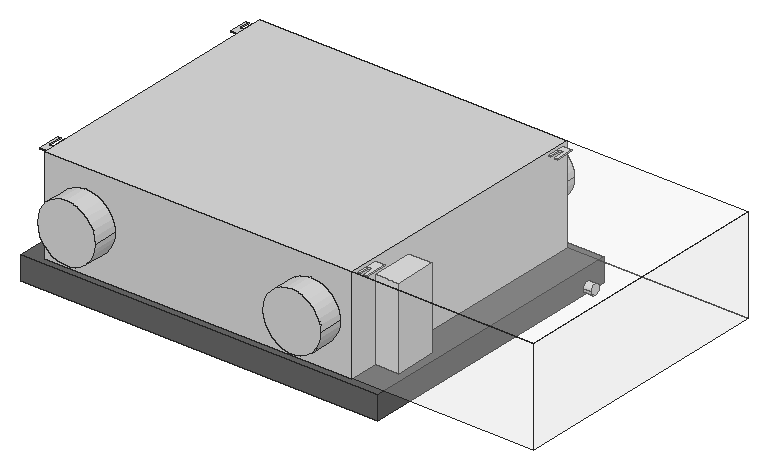
Revit family "lgh-n50_100rhw_rhp_60Hz", category 機械設備, Revit 2019
Family settings
  丸型コネクタ寸法 = 直径を使用
  パーツ タイプ = 標準
  OmniClass 番号 = 23.75.10.34.21
  OmniClass タイトル = Heat Exchangers for Ventilation Air
  作業面ベース = いいえ
  常に垂直 = はい
  ロード時にボイドで切り取り = いいえ
  共有 = いいえ
  部屋計算ポイント = はい
Parameters (values of type "LGH-N50RHP")
  騒音レベル(dB(A)) = 34
  風量 = MAX風量  # 500.0 m³/h
  面風速 = 4.42 m/s
  電源種別 [instance] = "一般"
  電圧 = 100 V
  電動機出力 = 0 W
  集中コントローラ = ""
  運転質量 = 0.00 kg
  連動 [instance] = ""
  質量 = if(製品質量 > 運転質量, 製品質量, 運転質量) * 1.2  # 50.40 kg
  負荷分類 = 3_ファン類
  説明 = "業務用ロスナイ 耐湿形"
  設計風量 = 0.0 m³/h
  設置方法 = "天井吊(隠ぺい)形"
  記号 [instance] = ""
  製造元 = "三菱電機株式会社"
  製品質量 = 42.00 kg
  製品出荷対象 = "国内"
  製品リリース年月 = "2013/7/1"
  製品グループ = ""
  系統 [instance] = ""
  符号 = "HEU"
  積算_科目 = "1 空気調和設備"
  積算_拾い区分 [instance] = ""
  相 = 1
  盤記号 [instance] = ""
  発停方法 [instance] = "別売スイッチ"
  特殊仕様 [instance] = ""
  点検口高さ = -317 mm
  点検口離隔 = 150 mm
  点検口_Width = 点検口_Depth  # 450 mm
  点検口_Depth = 450 mm
  点検口 = yes
  火災停止 [instance] = ""
  温度交換効率 = 67.00%
  消費電力_加湿器 = 0 W
  消費電力 = 281 W
  法定耐用年数 = "15"
  機外静圧_排気 = 150.0 Pa
  機外静圧 = 150.0 Pa
  極数 = 2
  材質 [instance] = ""
  本体マテリアル = ポリエステル塗装鋼板
  有効加湿量 = 3.2
  操作・制御方式 = ""
  操作・制御スイッチ = ""
  排気量 = 0.0 m³/h
  形式_加湿器 = ""
  形式 = "天井埋込ダクト形"
  幹線記号 [instance] = ""
  対象室 [instance] = ""
  実風量 = 0.0 m³/h
  始動方式 [instance] = "直入"
  天吊金具_径 = 6.5 mm
  天吊金具_幅 = 30 mm
  外気量 = 設計風量  # 0.0 m³/h
  呼称 = "全熱交換ユニット"
  周波数 = 60 Hz
  天吊金具ピッチ2 = 790 mm
  天吊金具ピッチ1 = 1048 mm
  天吊金具_高さ = 7 mm
  参照している仕様書等のバージョン = ""
  初期抵抗 = 0.0 Pa
  分類コード = "50054502100010"
  分類グループ = ""
  価格 = 656000
  企業コード = "108420"
  付属品_フィルター_還気 = ""
  付属品_フィルター = ""
  付属品 [instance] = ""
  仕様書バージョン = "Version1.0"
  モデル = "LGH-N50RHP"
  メンテナンススペース = yes
  ドレン管径 = 32 mm
  ドレン管_D = 71 mm
  ドレン管_H = 374 mm
  ドレン管_Depth = 28 mm
  ドレン皿材質 = ABS樹脂
  ドレン皿_Height = 77 mm
  コメント [instance] = ""
  Keynote = ""
  エンタルピ交換効率_暖房 = 0.00%
  エンタルピ交換効率_冷房 = 0.00%
  Assembly Code = ""
  Width = 1016 mm
  Version = ""
  Uniclass2015Version = "Systems v1.9"
  Uniclass2015Title = "Thermal wheels"
  Uniclass2015Code = "Pr_60_60_36_88"
  URL = "https://www.mitsubishielectric.co.jp/ldg/wink/ssl/displayProduct.do?pid=212042"
  SpecificationReference = ""
  SpecificationDescription = ""
  SAサイズ_W = 0 mm
  SAサイズ_D = 192 mm
  Revision = ""
  RAサイズ_W = 0 mm
  RAサイズ_D = 192 mm
  ProductInformation = ""
  OmniClassCode = "23-27 23 19 11"
  OAサイズ_W = 0 mm
  OAサイズ_D = 192 mm
  ドレン皿_Width = 1183 mm
  ドレン皿_Depth = 934 mm
  MIN風量 = 260.0 m³/h
  MIN静圧 = 40.0 Pa
  MAX風量 = 500.0 m³/h
  MAX静圧 = 150.0 Pa
  IfcTypeProduct = ""
  IfcProduct = ""
  IfcExportType = "ROTARYWHEEL"
  IfcExportAs = "IfcAirToAirHeatRecoveryType"
  Height = 317 mm
  EAサイズ_W = 0 mm
  EAサイズ_D = 192 mm
  Duct_Pitch = 745 mm
  Duct_Height = 158.5 mm
  Duct_Depth = 79 mm
  Depth = 888 mm
  Clearance Top = 0 mm
  Clearance Right = 600 mm
  Clearance Bottom = 0 mm
  Box_Depth = 136 mm
  Box_Height = 267 mm
  Box_H = 46 mm
  Box_Width = 80 mm
  Box_D = 94 mm
  Author = "三菱電機株式会社"
Types (4, lengths in mm): name | 騒音レベル(dB(A)) | 風量 | 面風速 | 質量 | 製品質量 | 点検口高さ | 消費電力 | 機外静圧_排気 | 機外静圧 | 天吊金具ピッチ2 | 天吊金具ピッチ1 | 分類コード | 価格 | モデル | ドレン管_D | ドレン管_H | エンタルピ交換効率_暖房 | エンタルピ交換効率_冷房 | Width | URL | SAサイズ_D | RAサイズ_D | OAサイズ_D | ドレン皿_Width | ドレン皿_Depth | MIN風量 | MIN静圧 | MAX風量 | MAX静圧 | Height | EAサイズ_D | Duct_Pitch | Duct_Height | Depth | Box_H | Box_D
  LGH-N50RHP | 34 | 500.0 m³/h | 4.42 m/s | 50.40 kg | 42.00 kg | -317 | 281 W | 150.0 Pa | 150.0 Pa | 790 | 1048 | "50054502100010" | 656000 | "LGH-N50RHP" | 71 | 374 | 0.00% | 0.00% | 1016 | "https://www.mitsubishielectric.co.jp/ldg/wink/ssl/displayProduct.do?pid=212042" | 192 | 192 | 192 | 1183 | 934 | 260.0 m³/h | 40.0 Pa | 500.0 m³/h | 150.0 Pa | 317 | 192 | 745 | 158.5 | 888 | 46 | 94
  LGH-N50RHW | 34 | 500.0 m³/h | 4.42 m/s | 50.40 kg | 42.00 kg | -317 | 281 W | 150.0 Pa | 150.0 Pa | 790 | 1048 | "50052504100070" | 715000 | "LGH-N50RHW" | 71 | 374 | 53.00% | 46.00% | 1016 | "https://www.mitsubishielectric.co.jp/ldg/wink/ssl/displayProduct.do?pid=212461" | 192 | 192 | 192 | 1183 | 934 | 260.0 m³/h | 40.0 Pa | 500.0 m³/h | 150.0 Pa | 317 | 192 | 745 | 158.5 | 888 | 46 | 94
  LGH-N100RHP | 37 | 1000.0 m³/h | 5.66 m/s | 99.60 kg | 83.00 kg | -398 | 630 W | 180.0 Pa | 180.0 Pa | 1030 | 1263 | "50054502100010" | 1241000 | "LGH-N100RHP" | 90 | 455 | 0.00% | 0.00% | 1231 | "https://www.mitsubishielectric.co.jp/ldg/wink/ssl/displayProduct.do?pid=212043" | 242 | 242 | 242 | 1398 | 1210 | 680.0 m³/h | 85.0 Pa | 1000.0 m³/h | 180.0 Pa | 398 | 242 | 920 | 199 | 1164 | 127 | 129
  LGH-N100RHW | 37 | 1000.0 m³/h | 5.66 m/s | 99.60 kg | 83.00 kg | -398 | 630 W | 180.0 Pa | 180.0 Pa | 1030 | 1263 | "50052504100070" | 1323000 | "LGH-N100RHW" | 90 | 455 | 55.00% | 46.00% | 1231 | "https://www.mitsubishielectric.co.jp/ldg/wink/ssl/displayProduct.do?pid=212460" | 242 | 242 | 242 | 1398 | 1210 | 680.0 m³/h | 85.0 Pa | 1000.0 m³/h | 180.0 Pa | 398 | 242 | 920 | 199 | 1164 | 127 | 129
Reference planes
  plane 1 "中心(正面/背面)": y = 0
  plane 2: z = 0
  plane 3 "中心(左/右)": x = 0
  plane 4: x = -508
  plane 5: x = 508
  plane 6: y = 444
  plane 7: y = -444
  plane 8: z = -317
  plane 9: z = -158.5
  plane 10: y = -523
  plane 11: y = 523
  plane 12: x = -372.5
  plane 13: x = 372.5
  plane 14: y = -350
  plane 15: z = -46
  plane 16: y = -214
  plane 17: z = -313
  plane 18: x = 588
  plane 19: y = 396
  plane 20: z = -374
  plane 21: x = 640
  plane 22: z = 0
  plane 23: y = 225
  plane 24: x = -524
  plane 25: x = 524
  plane 26: y = -395
  plane 27: y = 395
  plane 28: y = 300.5
  plane 29: y = -225
  plane 30: x = -540
  plane 31: x = 540
  plane 32: y = 365
  plane 33: y = 425
  plane 34: z = -7
  plane 35: z = -10
  plane 36: y = -365
  plane 37: y = -425
  plane 38: x = 1108
  plane 39: x = 658
  plane 40: z = -394
  plane 41: x = -571
  plane 42: x = 612
  plane 43: y = 467
  plane 44: y = -467
  plane 45: z = -317
Forms (mm)
  Extrusion 1, solid, material "ポリエステル塗装鋼板" <- "本体マテリアル", detail levels fine
    sketch origin (0, 0, 0) x (1, 0, 0) y (0, 1, 0)
      loop
        line (-508, 444) -> (-508, -444) -> (508, -444) -> (508, 444) -> (-508, 444)
    from 0 to -317
  Extrusion 2, solid, material "ポリエステル塗装鋼板" <- "本体マテリアル", detail levels fine
    sketch origin (0, 0, 0) x (1, 0, 0) y (0, 0, 1)
      loop
        circle (-372.5, -158.5) r 96
    from 444 to 523
  Extrusion 3, solid, material "ポリエステル塗装鋼板" <- "本体マテリアル", detail levels fine
    sketch origin (0, 0, 0) x (1, 0, 0) y (0, 0, 1)
      loop
        circle (-372.5, -158.5) r 96
    from -523 to -444
  Extrusion 4, solid, material "ポリエステル塗装鋼板" <- "本体マテリアル", detail levels fine
    sketch origin (0, 0, 0) x (1, 0, 0) y (0, 0, 1)
      loop
        circle (372.5, -158.5) r 96
    from -523 to -444
  Extrusion 5, solid, material "ポリエステル塗装鋼板" <- "本体マテリアル", detail levels fine
    sketch origin (0, 0, 0) x (0, 1, 0) y (0, 0, 1)
      loop
        line (-350, -46) -> (-350, -313) -> (-214, -313) -> (-214, -46) -> (-350, -46)
    from 588 to 508
  Extrusion 6, solid, material "ポリエステル塗装鋼板" <- "本体マテリアル", detail levels fine
    sketch origin (0, 0, 0) x (0, 1, 0) y (0, 0, 1)
      loop
        circle (396, -374) r 16
    from 640 to 612
  Extrusion 7, solid, material "ポリエステル塗装鋼板" <- "本体マテリアル", detail levels fine
    sketch origin (0, 0, 0) x (1, 0, 0) y (0, 0, 1)
      loop
        circle (372.5, -158.5) r 96
    from 444 to 523
  Extrusion 8, solid, material "ABS樹脂" <- "ドレン皿材質"
    sketch origin (0, 0, 0) x (1, 0, 0) y (0, 1, 0)
      loop
        line (-571, 467) -> (-571, -467) -> (612, -467) -> (612, 467) -> (-571, 467)
    from -394 to -317
  Extrusion 9, solid, material "ポリエステル塗装鋼板" <- "本体マテリアル"
    sketch origin (0, 0, 0) x (1, 0, 0) y (0, 1, 0)
      loop
        line (-540, 425) -> (-540, 365) -> (-508, 365) -> (-508, 425) -> (-517.5, 425) -> (-517.5, 395)
        arc (-517.5, 395) -> (-524, 388.5) -> (-530.5, 395) r 6.5
        line (-530.5, 395) -> (-530.5, 425) -> (-540, 425)
    from -10 to -7
  Extrusion 10, solid, material "ポリエステル塗装鋼板" <- "本体マテリアル"
    sketch origin (0, -700, 0) x (1, 0, 0) y (0, 1, 0)
      loop
        line (-540, 350) -> (-540, 275) -> (-508, 275) -> (-508, 350) -> (-517.5, 350) -> (-517.5, 305)
        arc (-517.5, 305) -> (-524, 298.5) -> (-530.5, 305) r 6.5
        line (-530.5, 305) -> (-530.5, 350) -> (-540, 350)
    from -10 to -7
  Extrusion 11, solid, material "ポリエステル塗装鋼板" <- "本体マテリアル"
    sketch origin (0, -700, 0) x (-1, 0, 0) y (0, -1, 0)
      loop
        line (-508, -275) -> (-517.5, -275) -> (-517.5, -305)
        arc (-517.5, -305) -> (-524, -311.5) -> (-530.5, -305) r 6.5
        line (-530.5, -305) -> (-530.5, -275) -> (-540, -275) -> (-540, -350) -> (-508, -350) -> (-508, -275)
    from -10 to -7
  Extrusion 12, solid, material "ポリエステル塗装鋼板" <- "本体マテリアル"
    sketch origin (0, 0, 0) x (-1, 0, 0) y (0, -1, 0)
      loop
        line (-508, -365) -> (-517.5, -365) -> (-517.5, -395)
        arc (-517.5, -395) -> (-524, -401.5) -> (-530.5, -395) r 6.5
        line (-530.5, -395) -> (-530.5, -365) -> (-540, -365) -> (-540, -425) -> (-508, -425) -> (-508, -365)
    from -10 to -7
Lines and regions (mm)
  Masking region 1, detail levels coarse+medium
    outline origin (0, 0, 0) x (1, 0, 0) y (0, 1, 0)
      loop
        line (-508, 444) -> (-508, -444) -> (508, -444) -> (508, 444) -> (-508, 444)
  symbolic lines, detail levels coarse+medium
    curve 1: line (-1.977, 441.477, 0) -> (-508, 0, 0)
    curve 2: line (-508, 0, 0) -> (1.977, -441.477, 0)
    curve 3: line (1.977, -441.477, 0) -> (508, 0, 0)
    curve 4: line (508, 0, 0) -> (-1.977, 441.477, 0)
Dimensions and locks
  equal spacing: plane 4, plane 3 "中心(左/右)", plane 5
  "Width": plane 4 to plane 5
  equal spacing: plane 6, plane 1 "中心(正面/背面)", plane 7
  "Depth": plane 6 to plane 7
  "Duct_Depth": plane 7 to plane 10
  "Duct_Depth": plane 6 to plane 11
  equal spacing: plane 12, plane 3 "中心(左/右)", plane 13
  "Duct_Pitch": plane 12 to plane 13
  "Box_D": plane 14 to plane 7
  "Box_Depth": plane 16 to plane 14
  "Box_Height": plane 15 to plane 17
  "Clearance Top": level to plane 22
  equal spacing: plane 24, plane 3 "中心(左/右)", plane 25
  "天吊金具ピッチ1": plane 24 to plane 25
  equal spacing: plane 27, plane 1 "中心(正面/背面)", plane 26
  "天吊金具ピッチ2": plane 27 to plane 26
  equal spacing: plane 33, plane 27, plane 32
  "天吊金具_高さ": level to plane 34
  locked: plane 34 to plane 35 at 3
  equal spacing: plane 37, plane 26, plane 36
  "Box_Width": plane 5 to plane 18
  "Clearance Right": plane 5 to plane 38
  "点検口離隔": plane 5 to plane 39
  equal spacing: plane 23, plane 1 "中心(正面/背面)", plane 29
  "点検口_Depth": plane 23 to plane 29
  "ドレン皿_Width": plane 41 to plane 42
  equal spacing: plane 43, plane 1 "中心(正面/背面)", plane 44
  "ドレン皿_Depth": plane 43 to plane 44
  "ドレン管_H": plane 20 to level
  "ドレン管_Depth": plane 42 to plane 21
  "天吊金具_幅": plane 33 to plane 27
  "天吊金具_幅": plane 36 to plane 26
  equal spacing: plane 30, plane 24, plane 4
  equal spacing: plane 5, plane 25, plane 31
  "天吊金具_径": nested 2 to Extrusion 9 sketch curve
  "天吊金具_径": plane 24 to Extrusion 10 sketch curve
  "天吊金具_径": plane 25 to Extrusion 11 sketch curve
  "天吊金具_径": plane 25 to Extrusion 12 sketch curve
  "ドレン管_D": plane 19 to plane 43
  "Box_H": level to plane 15
  "Duct_Height": level to plane 9
  "Height": level to plane 8
  "ドレン皿_Height": plane 8 to plane 40
  locked: plane 5 to plane 42 at 104
  "Clearance Bottom": plane 8 to plane 45
  "OAサイズ_D": diameter of Extrusion 3 sketch curve
  "EAサイズ_D": diameter of Extrusion 4 sketch curve
  "ドレン管径": diameter of Extrusion 6 sketch curve
  "RAサイズ_D": diameter of Extrusion 2 sketch curve
  "SAサイズ_D": diameter of Extrusion 7 sketch curve
  "天吊金具_径": radius of Extrusion 9 sketch curve
  "天吊金具_径": radius of Extrusion 10 sketch curve
  "天吊金具_径": radius of Extrusion 11 sketch curve
  "天吊金具_径": radius of Extrusion 12 sketch curve
  aligned and locked: level to plane 2
  aligned and locked: Masking region 1 to plane 7
  aligned and locked: Masking region 1 to plane 4
  aligned and locked: plane 6 to Masking region 1
  aligned and locked: plane 5 to Masking region 1
  aligned and locked: Extrusion 1 to plane 8
  aligned and locked: plane 7 to Extrusion 2
  aligned and locked: Extrusion 4 to plane 11
  aligned and locked: Extrusion 3 to plane 11
  aligned and locked: Extrusion 3 to plane 6
  aligned and locked: Extrusion 4 to plane 6
  aligned and locked: Extrusion 5 to plane 18
  aligned and locked: Extrusion 5 to plane 17
  aligned and locked: plane 14 to Extrusion 5
  aligned and locked: Extrusion 5 to plane 16
  aligned and locked: plane 15 to Extrusion 5
  aligned and locked: Extrusion 6 to plane 21
  aligned and locked: nested 1 to plane 6
  aligned and locked: nested 1 to plane 7
  aligned and locked: plane 25 to nested 2
  aligned and locked: plane 27 to nested 2
  aligned and locked: nested 2 to plane 26
  aligned and locked: plane 24 to nested 2
  aligned and locked: nested 3 to plane 23
  aligned and locked: plane 29 to nested 3
  aligned and locked: Extrusion 2 to plane 10
  aligned and locked: Extrusion 2 to Extrusion 7
  aligned and locked: Extrusion 7 to Masking region 1
  aligned and locked: Extrusion 5 to plane 5
  aligned and locked: nested 1 to plane 38
  aligned and locked: plane 5 to nested 1
  aligned and locked: nested 3 to plane 38
  aligned and locked: nested 3 to plane 39
  aligned and locked: Extrusion 8 sketch curve to plane 43
  aligned and locked: plane 41 to Extrusion 8 sketch curve
  aligned and locked: Extrusion 8 sketch curve to plane 44
  aligned and locked: plane 42 to Extrusion 8 sketch curve
  aligned and locked: Extrusion 8 to Extrusion 1
  aligned and locked: plane 8 to Extrusion 8
  aligned and locked: Extrusion 8 to plane 40
  aligned and locked: plane 42 to Extrusion 6
  aligned and locked: plane 4 to Extrusion 9 sketch curve
  aligned and locked: Extrusion 9 sketch curve to plane 32
  aligned and locked: Extrusion 9 sketch curve to plane 30
  aligned and locked: plane 33 to Extrusion 9 sketch curve  (x2)
  aligned and locked: plane 4 to Extrusion 10 sketch curve
  aligned and locked: Extrusion 10 sketch curve to plane 37
  aligned and locked: Extrusion 10 sketch curve to plane 30
  aligned and locked: plane 14 to Extrusion 10 sketch curve  (x2)
  aligned and locked: plane 31 to Extrusion 11 sketch curve
  aligned and locked: plane 14 to Extrusion 11 sketch curve
  aligned and locked: plane 5 to Extrusion 11 sketch curve
  aligned and locked: Extrusion 11 sketch curve to plane 37  (x2)
  aligned and locked: plane 31 to Extrusion 12 sketch curve
  aligned and locked: plane 33 to Extrusion 12 sketch curve
  aligned and locked: plane 5 to Extrusion 12 sketch curve
  aligned and locked: Extrusion 12 sketch curve to plane 32  (x2)
  aligned and locked: Extrusion 10 to plane 35
  aligned and locked: plane 34 to Extrusion 10
  aligned and locked: Extrusion 9 to plane 35
  aligned and locked: plane 34 to Extrusion 9
  aligned and locked: Extrusion 11 to plane 35
  aligned and locked: plane 34 to Extrusion 11
  aligned and locked: Extrusion 12 to plane 35
  aligned and locked: plane 34 to Extrusion 12
  aligned and locked: plane 22 to nested 1
  aligned and locked: plane 45 to nested 1
Automatic sketch dimensions
  plane 1 "中心(正面/背面)" to curve 1 = 0 mm
  curve 1 to plane 4 = 0 mm
  plane 1 "中心(正面/背面)" to curve 4 = 0 mm
  curve 4 to plane 5 = 0 mm
  curve 4 to plane 3 "中心(左/右)" = 1.977 mm
  plane 3 "中心(左/右)" to curve 3 = 1.977 mm
  plane 7 to curve 3 = 2.523 mm
  curve 4 to plane 6 = 2.523 mm
  Masking region 1 sketch curve to plane 4 = 0 mm
  Masking region 1 sketch curve to plane 5 = 0 mm
  Masking region 1 sketch curve to plane 7 = 0 mm
  Masking region 1 sketch curve to plane 6 = 0 mm
  Extrusion 1 sketch curve to plane 4 = 0 mm
  Extrusion 1 sketch curve to plane 5 = 0 mm
  Extrusion 1 sketch curve to plane 7 = 0 mm
  Extrusion 1 sketch curve to plane 6 = 0 mm
  Extrusion 2 sketch curve to plane 9 = 0 mm
  plane 12 to Extrusion 2 sketch curve = 0 mm
  Extrusion 3 sketch curve to plane 9 = 0 mm
  plane 12 to Extrusion 3 sketch curve = 0 mm
  Extrusion 4 sketch curve to plane 9 = 0 mm
  plane 13 to Extrusion 4 sketch curve = 0 mm
  Extrusion 5 sketch curve to plane 14 = 0 mm
  Extrusion 5 sketch curve to plane 16 = 0 mm
  Extrusion 5 sketch curve to plane 17 = 0 mm
  Extrusion 5 sketch curve to plane 15 = 0 mm
  Extrusion 6 sketch curve to plane 19 = 0 mm
  plane 20 to Extrusion 6 sketch curve = 0 mm
  Extrusion 7 sketch curve to plane 9 = 0 mm
  plane 13 to Extrusion 7 sketch curve = 0 mm
  Extrusion 9 sketch curve to plane 27 = 0 mm
  Extrusion 10 sketch curve to plane 26 = 0 mm
  Extrusion 11 sketch curve to plane 26 = 0 mm
  Extrusion 12 sketch curve to plane 27 = 0 mm
Nested families
  nested 1: "メンテナンススペース" at (808, 0, -158.5), visible <- "メンテナンススペース", type "メンテナンススペース"
    with Width 600 mm, Height 317 mm, Depth 888 mm
  nested 2: "固定点" at (-524, -395, 0), type "固定点"
    with W 1048 mm, D 790 mm
  nested 3: "点検口設置範囲" at (883, 0, -317), Width <- "点検口_Width", built-in parameter 1001364 <- "点検口高さ", visible <- "点検口", type "点検口設置範囲"
    with Width 450 mm, Depth 450 mm
Connectors
  electrical at (548, -350, -179.5), driven by "極数", driven by "負荷分類", driven by "電圧", driven by "消費電力"
    settings: on Extrusion 5, index 1, voltage 100 V, apparent load 281 VA, apparent load phase1 0 VA, apparent load phase2 0 VA, apparent load phase3 0 VA, power factor 1, load classification "3_ファン類", number of poles 2, system type 30, power factor state 1, is connector primary yes, connector utility no, sub classification motor no, connector description ""
  piping at (640, 396, -374), diameter 32, driven by "ドレン管径"
    settings: on Extrusion 6, index 5, connector inside diameter 609.6 mm, connector length 0 mm, flow factor 0, pipe flow 0.0 L/s, pressure drop 0.0 Pa, fitting loss kfactor 0, connector angle 0.00°, fixture units 0, engagement length 0 mm, angle of deflection 0.00°, flow configuration 0, flow direction 2, fitting loss method 0, system type 16, joint type 0, gender type 0, connector reference index -1, connector utility 0, adjustable connector no, is connector primary yes, connector description ""
  hvac at (-372.5, -523, -158.5), driven by "SAサイズ_D", driven by "MAX静圧", driven by "風量"
    settings: on Extrusion 2, index 6, duct flow 500.0 m³/h, flow factor 0, pres drop 150.0 Pa, loss coef 0, conn angle 0.00°, conn width 304.8 mm, conn height 304.8 mm, conn diameter 192 mm, duct sys type 2, conn prof type 0, flow config 1, flow direction 1, loss method 4, conn ref index -1, conn util no, is conn primary yes, conn desc ""
  hvac at (372.5, 523, -158.5), driven by "機外静圧_排気", driven by "排気量", driven by "EAサイズ_D"
    settings: on Extrusion 4, index 8, duct flow 0.0 m³/h, flow factor 0, pres drop 150.0 Pa, loss coef 0, conn angle 0.00°, conn width 304.8 mm, conn height 304.8 mm, conn diameter 192 mm, duct sys type 4, conn prof type 0, flow config 0, flow direction 1, loss method 4, conn ref index -1, conn util no, is conn primary no, conn desc ""
  hvac at (-372.5, 523, -158.5), driven by "機外静圧", driven by "外気量", driven by "OAサイズ_D"
    settings: on Extrusion 3, index 9, duct flow 0.0 m³/h, flow factor 0, pres drop 150.0 Pa, loss coef 0, conn angle 0.00°, conn width 304.8 mm, conn height 304.8 mm, conn diameter 192 mm, duct sys type 3, conn prof type 0, flow config 0, flow direction 2, loss method 4, conn ref index -1, conn util no, is conn primary no, conn desc ""
  hvac at (372.5, -523, -158.5), driven by "RAサイズ_D", driven by "機外静圧", driven by "風量"
    settings: on Extrusion 7, index 12, duct flow 500.0 m³/h, flow factor 0, pres drop 150.0 Pa, loss coef 0, conn angle 0.00°, conn width 304.8 mm, conn height 304.8 mm, conn diameter 192 mm, duct sys type 1, conn prof type 0, flow config 0, flow direction 2, loss method 4, conn ref index -1, conn util no, is conn primary no, conn desc ""
Definition of nested family "メンテナンススペース"
  Parameters (values of type "メンテナンススペース")
    Width [instance] = 500 mm
    Height [instance] = 500 mm
    Depth [instance] = 500 mm
  Reference planes
    plane 1 "中心(正面/背面)": y = 0
    plane 2: z = 0
    plane 3 "中心(左/右)": x = 0
    plane 4: y = -250
    plane 5: x = 250
    plane 6: y = 250
    plane 7: x = -250
    plane 8: z = 250
    plane 9: z = -250
  Forms (mm)
    Extrusion 1, solid
      sketch origin (-638.939, 0, 72.39) x (1, 0, 0) y (0, 1, 0)
        loop
          line (388.939, 250) -> (388.939, -250) -> (888.939, -250) -> (888.939, 250) -> (388.939, 250)
      from -322.39 to 177.61
  Lines and regions (mm)
    symbolic lines
      curve 1: line (-250, 0, 250) -> (250, 0, 250)
      curve 2: line (-250, 0, -250) -> (-250, 0, 250)
      curve 3: line (250, 0, -250) -> (-250, 0, -250)
      curve 4: line (250, 0, 250) -> (250, 0, -250)
      curve 5: line (0, -250, 250) -> (0, 250, 250)
      curve 6: line (0, -250, -250) -> (0, -250, 250)
      curve 7: line (0, 250, -250) -> (0, -250, -250)
      curve 8: line (0, 250, 250) -> (0, 250, -250)
      curve 9: line (-250, 250, 0) -> (250, 250, 0)
      curve 10: line (-250, -250, 0) -> (-250, 250, 0)
      curve 11: line (250, -250, 0) -> (-250, -250, 0)
      curve 12: line (250, 250, 0) -> (250, -250, 0)
  Dimensions and locks
    equal spacing: plane 7, plane 3 "中心(左/右)", plane 5
    equal spacing: plane 4, plane 1 "中心(正面/背面)", plane 6
    "Depth": plane 4 to plane 6
    "Width": plane 7 to plane 5
    equal spacing: plane 8, plane 2, plane 9
    "Height": plane 8 to plane 9
    aligned and locked: plane 9 to curve 3
    aligned and locked: plane 7 to curve 2
    aligned and locked: curve 4 to plane 5
    aligned and locked: plane 5 to Extrusion 1
    aligned and locked: Extrusion 1 to plane 7
    aligned and locked: Extrusion 1 to plane 9
    aligned and locked: plane 8 to Extrusion 1
    aligned and locked: plane 9 to curve 7
  Automatic sketch dimensions
    plane 4 to Extrusion 1 sketch curve = 0 mm
    Extrusion 1 sketch curve to plane 7 = 0 mm
    Extrusion 1 sketch curve to plane 5 = 0 mm
    plane 6 to Extrusion 1 sketch curve = 0 mm
    curve 2 to plane 8 = 0 mm
    plane 4 to curve 11 = 0 mm
    curve 11 to plane 7 = 0 mm
    curve 11 to plane 5 = 0 mm
    plane 6 to curve 10 = 0 mm
    curve 7 to plane 4 = 0 mm
    curve 7 to plane 6 = 0 mm
    curve 6 to plane 8 = 0 mm
Definition of nested family "固定点"
  Parameters (values of type "固定点")
    中心円 = 20 mm
    W [instance] = 1000 mm
    D [instance] = 1000 mm
  Reference planes
    plane 1 "中心(正面/背面)": y = 0
    plane 2: z = 0
    plane 3 "中心(左/右)": x = 0
    plane 4: x = 1000
    plane 5: y = 1000
  Lines and regions (mm)
    symbolic lines, detail levels fine
      curve 1: circle (0, 1000, 0) r 10 normal (0, 0, 1)
      curve 2: circle (0, 0, 0) r 10 normal (0, 0, 1)
      curve 3: circle (1000, 1000, 0) r 10 normal (0, 0, 1)
      curve 4: circle (1000, 0, 0) r 10 normal (0, 0, 1)
      curve 5: line (-200, 1000, 0) -> (1200, 1000, 0)
      curve 6: line (-200, 0, 0) -> (1200, 0, 0)
      curve 7: line (0, 1200, 0) -> (0, -200, 0)
      curve 8: line (1000, 1200, 0) -> (1000, -200, 0)
  Dimensions and locks
    "W": plane 3 "中心(左/右)" to plane 4
    "D": plane 1 "中心(正面/背面)" to plane 5
    "中心円": diameter of curve 1
    "中心円": diameter of curve 2
    "中心円": diameter of curve 3
    "中心円": diameter of curve 4
    aligned and locked: level to plane 2
    aligned and locked: plane 5 to curve 1
    aligned and locked: plane 3 "中心(左/右)" to curve 1
    aligned and locked: plane 3 "中心(左/右)" to curve 2
    aligned and locked: plane 1 "中心(正面/背面)" to curve 2
    aligned and locked: plane 4 to curve 3
    aligned and locked: plane 5 to curve 3
    aligned and locked: plane 1 "中心(正面/背面)" to curve 4
    aligned and locked: plane 4 to curve 4
    aligned and locked: plane 1 "中心(正面/背面)" to curve 6
    aligned and locked: curve 7 to plane 3 "中心(左/右)"
    aligned and locked: curve 8 to plane 4
  Automatic sketch dimensions
    curve 5 to plane 5 = 0 mm
    curve 6 to plane 3 "中心(左/右)" = 200 mm
    curve 5 to plane 3 "中心(左/右)" = 200 mm
    curve 4 to curve 6 = 200 mm
    curve 3 to curve 5 = 200 mm
    plane 1 "中心(正面/背面)" to curve 8 = 200 mm
    plane 1 "中心(正面/背面)" to curve 7 = 200 mm
    curve 3 to curve 8 = 200 mm
    curve 1 to curve 7 = 200 mm
Definition of nested family "点検口設置範囲"
  Parameters (values of type "点検口設置範囲")
    Width [instance] = 1000 mm
    Depth [instance] = 700 mm
  Reference planes
    plane 1 "中心(正面/背面)": y = 0
    plane 2: z = 0
    plane 3 "中心(左/右)": x = 0
    plane 4: x = -500
    plane 5: x = 500
    plane 6: y = -350
    plane 7: y = 350
  Lines and regions (mm)
    model lines
      curve 1: line (-500, 350, 0) -> (500, 350, 0)
      curve 2: line (-500, -350, 0) -> (-500, 350, 0)
      curve 3: line (500, -350, 0) -> (-500, -350, 0)
      curve 4: line (500, 350, 0) -> (500, -350, 0)
  Dimensions and locks
    "Depth": plane 7 to plane 6
    "Width": plane 4 to plane 5
    equal spacing: plane 7, plane 1 "中心(正面/背面)", plane 6
    equal spacing: plane 4, plane 3 "中心(左/右)", plane 5
    aligned and locked: level to plane 2
    aligned and locked: plane 4 to curve 2
    aligned and locked: curve 1 to plane 7
    aligned and locked: curve 4 to plane 5
    aligned and locked: plane 6 to curve 3
